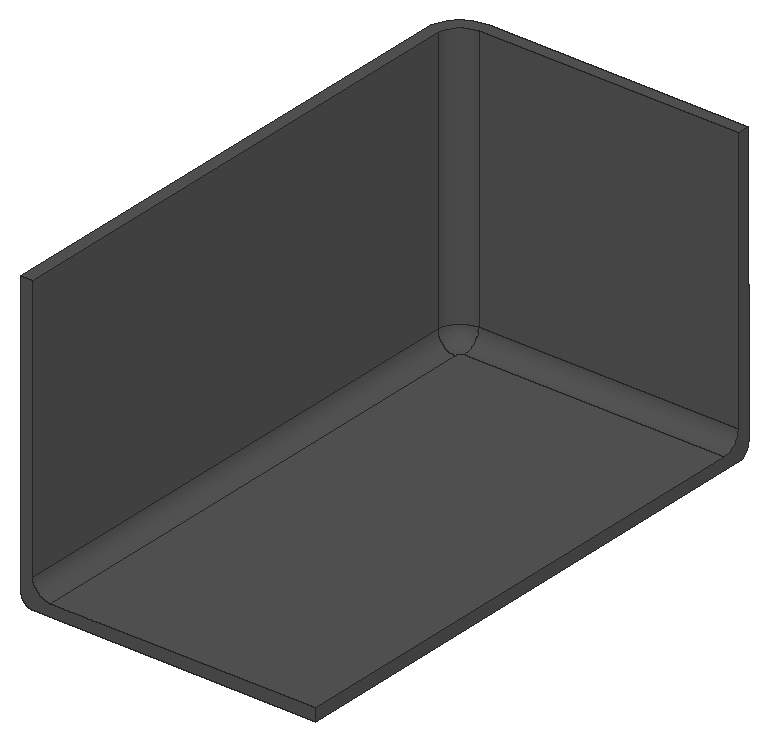
Revit family "Roofing-Aquaknight-Corner_Flashing_MF-Black", category Plumbing Fixtures, Revit 2016
Family settings
  Part Type = Normal
  Round Connector Dimension = Use Diameter
  OmniClass Number = 23.60.30.11
  OmniClass Title = Pipework Products for General Use
  Work Plane-Based = No
  Always vertical = No
  Cut with Voids When Loaded = No
  Shared = No
  Room Calculation Point = No
Parameters (values of type "Black")
  Waste Connection = yes
  Vent Connection = no
  URL = "www.aquaknight.co.nz/"
  Phone = "+6498322214"  # constant formula
  Model = "2100.115"
  Material = Aquanight-Black
  Manufacturer = "Aquaknight Industries Ltd"  # constant formula
  HW Connection = no
  Email = "info@aquaknight.co.nz"  # constant formula
  Description = "Corner Flashing MF - Black"
  CW Connection = no
Reference planes
  plane 1 "Center (Front/Back)": y = 0
  plane 2: z = 0
  plane 3 "Center (Left/Right)": x = 0
  plane 4: y = 77
  plane 5: y = -77
  plane 6: x = 42
  plane 7: x = -42
  plane 8: z = 84
Forms (mm)
  Extrusion 1, solid, material "Aquanight-Black" <- "Material"
    sketch origin (-516.03, -77, 1200) x (-1, 0, 0) y (0, 0, 1)
      loop
        line (-558.03, -1200) -> (-478.03, -1200)
        arc (-478.03, -1200) -> (-475.201, -1198.828) -> (-474.03, -1196) r 4
        line (-474.03, -1196) -> (-474.03, -1116) -> (-477.53, -1116) -> (-477.53, -1191.5)
        arc (-477.53, -1191.5) -> (-478.994, -1195.036) -> (-482.53, -1196.5) r 5
        line (-482.53, -1196.5) -> (-558.03, -1196.5) -> (-558.03, -1200)
    from 0 to 144
  Extrusion 2, solid, material "Aquanight-Black" <- "Material"
    sketch origin (42, 1188.869, 1200) x (0, 1, 0) y (0, 0, 1)
      loop
        line (-1111.869, -1196) -> (-1111.869, -1116) -> (-1115.369, -1116) -> (-1115.369, -1191.5)
        arc (-1115.369, -1191.5) -> (-1116.833, -1195.036) -> (-1120.369, -1196.5) r 5
        line (-1120.369, -1196.5) -> (-1121.869, -1196.5) -> (-1121.869, -1200) -> (-1115.869, -1200)
        arc (-1115.869, -1200) -> (-1113.041, -1198.828) -> (-1111.869, -1196) r 4
    from 0 to -74
  Revolve 3, solid, material "Aquanight-Black" <- "Material"
    sketch origin (-516.03, 67, 1200) x (-1, 0, 0) y (0, 0, 1)
      loop
        line (-477.53, -1116) -> (-477.53, -1191.5)
        arc (-477.53, -1191.5) -> (-478.994, -1195.036) -> (-482.53, -1196.5) r 5
        line (-482.53, -1196.5) -> (-484.03, -1196.5) -> (-484.03, -1200) -> (-478.03, -1200)
        arc (-478.03, -1200) -> (-475.201, -1198.828) -> (-474.03, -1196) r 4
        line (-474.03, -1196) -> (-474.03, -1116) -> (-477.53, -1116)
      axis (-484.03, -1200) -> (-484.03, -1116)
    angle from -90 to 0
Cuts and joins
  joined: Extrusion 1, Extrusion 2, Revolve 3
Dimensions and locks
  equal spacing: plane 5, plane 1 "Center (Front/Back)", plane 4
  plane 5 to plane 4 = 154 mm
  equal spacing: plane 7, plane 3 "Center (Left/Right)", plane 6
  plane 7 to plane 6 = 84 mm
  plane 8 to level = 84 mm
  locked: Extrusion 1 to plane 4 at 10
  aligned and locked: level to plane 2
  aligned and locked: Extrusion 2 sketch curve to plane 2
  aligned and locked: plane 8 to Extrusion 2 sketch curve
  aligned and locked: Extrusion 2 sketch curve to plane 4
  aligned and locked: Revolve 3 sketch curve to Extrusion 1  (x3)
Automatic sketch dimensions
  Extrusion 1 sketch curve to level = 0 mm
  Extrusion 1 sketch curve to plane 6 = 0 mm
  Extrusion 1 sketch curve to plane 8 = 0 mm
  Extrusion 1 sketch curve to plane 7 = 0 mm
  plane 7 to Extrusion 1 sketch curve = 8.5 mm
  Extrusion 1 sketch curve to Extrusion 1 sketch curve = 4 mm
  plane 7 to Extrusion 1 sketch curve = 3.5 mm
  level to Extrusion 1 sketch curve = 3.5 mm
  Extrusion 2 sketch curve to Extrusion 2 sketch curve = 3.5 mm
  Extrusion 2 sketch curve to Extrusion 2 sketch curve = 4 mm
  Extrusion 2 sketch curve to Extrusion 2 sketch curve = 5 mm
  Extrusion 2 sketch curve to Extrusion 2 sketch curve = 1.5 mm
  level to Extrusion 2 sketch curve = 3.5 mm
  Revolve 3 sketch curve to Extrusion 1 = 0 mm
  Revolve 3 sketch curve to Revolve 3 sketch curve = 1.5 mm
